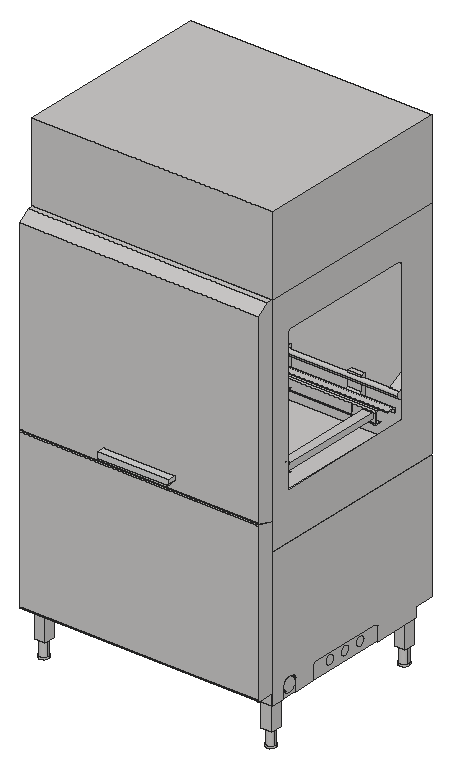
Revit family "QF_ELECTROLUXPROFESSIONAL_535139_NLDDRE6M", category Specialty Equipment, Revit 2018
Family settings
  Round Connector Dimension = Use Diameter
  Part Type = Normal
  Work Plane-Based = No
  Always vertical = Yes
  Cut with Voids When Loaded = No
  Shared = No
  Room Calculation Point = No
Parameters (values of type "Standard")
  Weight = 116.00 kg
  Watts = 0 W
  Volts = 440 V
  URL Manufacturer = "http://professional.electrolux.com/"
  URL = "http://professional.electrolux.com/"
  Steam Supply Size = 0 mm
  Steam Supply Minimum Pressure = 0.0 Pa
  Steam Supply Maximum Pressure = 0.0 Pa
  Steam Pounds per Hour = 0
  Show Logo [instance] = yes
  Refrigeration Suction Line Size = 0 mm
  Refrigeration Liquid Line Size = 0 mm
  Refrigerant Compressor Remote = yes
  R_L [instance] = not(L_R)  # no
  Manufacturer = "Electrolux Professional"
  Phase = 3
  Model = "NLDDRE6M"
  Length Actual = 890 mm  # constant formula
  Show Clearance [instance] = yes
  L_R [instance] = yes
  Item Number = "535139"
  Hot Water Size = 0 mm
  Height Actual = 1785 mm  # constant formula
  HP = "11.4 HP"
  Gas Size = 0 mm
  Gas KW = 0
  Gas Input Pressure = 0 W
  Direct Waste Size = 50 mm
  Description = "LARGE DRYER WITH DOOR, DUAL RINSE RT, ELECTRIC, 440V/ 3/ 60Hz - MARINE"
  Depth Actual = 825 mm  # constant formula
  DRAIN [instance] = if(L_R, 0 mm, 968 mm)  # 0 mm
  Cycle = 60 Hz
  Condensate Return Size = 0 mm
  Compressed Air Volume = 0.0 L/s
  Compressed Air Size = 0 mm
  Compressed Air Pressure = 0.0 Pa
  Cold Water Size = 0 mm
  Accessory = yes
Types (2, lengths in mm): name | Volts | URL Manufacturer | URL | Manufacturer | Phase | Model | Item Number | Description | Cycle
  NLDDRE56 | 0 V | "" | "http://professional.electrolux.com" | "Electrolux" | 0 | "ESR10E5" | "" | "SINGLE RINSE RT, 100R/H, ELECTRIC 50HZ" | 0 Hz
  Standard | 440 V | "http://professional.electrolux.com/" | "http://professional.electrolux.com/" | "Electrolux Professional" | 3 | "NLDDRE6M" | "535139" | "LARGE DRYER WITH DOOR, DUAL RINSE RT, ELECTRIC, 440V/ 3/ 60Hz - MARINE" | 60 Hz
Reference planes
  plane 1 "Center X": y = -16.742
  plane 2: z = 0
  plane 3 "2": x = 506.437
  plane 4 "BACK": y = 388.258
  plane 5 "FEET": z = 150
  plane 6: z = 2095
  plane 7 "BASE": z = 187
  plane 8 "TOP": z = 1785
  plane 9 "FRONT": y = -408.742
  plane 10: y = 311.258
  plane 11 "1": x = -383.563
  plane 12 "LEFT": x = -423.563
  plane 13 "RIGHT": x = 546.437
  plane 14 "DRAIN": x = -423.563
Forms (mm)
  Extrusion 1, solid, material "QF_Finishes_Stainless Steel"
    sketch origin (506.437, 479.936, 4000) x (0, 1, 0) y (0, 0, 1)
      loop
        line (-96.678, -2215) -> (-828.678, -2215) -> (-828.678, -2507) -> (-96.678, -2507) -> (-96.678, -2215)
    from -890 to 0
  Extrusion 2, solid, material "QF_Finishes_Stainless Steel"
    sketch origin (-383.563, 437.565, 4000) x (0, 1, 0) y (0, 0, 1)
      loop
        line (-54.307, -2507) -> (-786.307, -2507) -> (-786.307, -3850) -> (-126.307, -3850) -> (-126.307, -3812) -> (-54.307, -3812) -> (-54.307, -2507)
      loop
        line (-129.307, -2557) -> (-769.307, -2557) -> (-769.307, -3290) -> (-129.307, -3290) -> (-129.307, -2557)
    from 887 to 3
  Extrusion 3, solid, material "QF_Finishes_Stainless Steel"
    sketch origin (-383.563, 437.565, 4000) x (0, 1, 0) y (0, 0, 1)
      loop
        line (-59.307, -3342) -> (-781.307, -3342)
        arc (-781.307, -3342) -> (-784.843, -3343.464) -> (-786.307, -3347) r 5
        line (-786.307, -3347) -> (-786.307, -3850) -> (-741.307, -3850) -> (-741.307, -3813)
        arc (-741.307, -3813) -> (-711.307, -3783) -> (-681.307, -3813) r 30
        line (-681.307, -3813) -> (-681.307, -3850) -> (-602.807, -3850) -> (-602.807, -3803)
        arc (-602.807, -3803) -> (-598.414, -3792.393) -> (-587.807, -3788) r 15
        line (-587.807, -3788) -> (-317.807, -3788)
        arc (-317.807, -3788) -> (-307.201, -3792.393) -> (-302.807, -3803) r 15
        line (-302.807, -3803) -> (-302.807, -3850) -> (-126.307, -3850) -> (-126.307, -3812) -> (-54.307, -3812) -> (-54.307, -3347)
        arc (-54.307, -3347) -> (-55.772, -3343.464) -> (-59.307, -3342) r 5
    from 0 to 3
  Extrusion 4, solid, material "QF_Finishes_Stainless Steel"
    sketch origin (506.437, 479.936, 4000) x (0, 1, 0) y (0, 0, 1)
      loop
        line (-96.678, -2507) -> (-828.678, -2507) -> (-828.678, -3335)
        arc (-828.678, -3335) -> (-827.214, -3338.536) -> (-823.678, -3340) r 5
        line (-823.678, -3340) -> (-101.678, -3340)
        arc (-101.678, -3340) -> (-98.142, -3338.536) -> (-96.678, -3335) r 5
        line (-96.678, -3335) -> (-96.678, -2507)
      loop
        line (-248.879, -2635) -> (-744.477, -2635)
        arc (-744.477, -2635) -> (-756.64, -2640.038) -> (-761.678, -2652.201) r 17.201
        line (-761.678, -2652.201) -> (-761.678, -3167.258) -> (-231.678, -3167.258) -> (-231.678, -2652.201)
        arc (-231.678, -2652.201) -> (-236.716, -2640.038) -> (-248.879, -2635) r 17.201
    from -3 to 0
  Extrusion 5, solid, material "QF_Finishes_Stainless Steel"
    sketch origin (506.437, 479.936, 4000) x (0, 1, 0) y (0, 0, 1)
      loop
        line (-101.678, -3342) -> (-823.678, -3342)
        arc (-823.678, -3342) -> (-827.214, -3343.464) -> (-828.678, -3347) r 5
        line (-828.678, -3347) -> (-828.678, -3850) -> (-783.678, -3850) -> (-783.678, -3813)
        arc (-783.678, -3813) -> (-753.678, -3783) -> (-723.678, -3813) r 30
        line (-723.678, -3813) -> (-723.678, -3850) -> (-645.178, -3850) -> (-645.178, -3803)
        arc (-645.178, -3803) -> (-640.785, -3792.393) -> (-630.178, -3788) r 15
        line (-630.178, -3788) -> (-360.178, -3788)
        arc (-360.178, -3788) -> (-349.571, -3792.393) -> (-345.178, -3803) r 15
        line (-345.178, -3803) -> (-345.178, -3850) -> (-168.678, -3850) -> (-168.678, -3812) -> (-96.678, -3812) -> (-96.678, -3347)
        arc (-96.678, -3347) -> (-98.142, -3343.464) -> (-101.678, -3342) r 5
    from -3 to 0
  Extrusion 6, solid, material "QF_Finishes_Stainless Steel"
    sketch origin (-383.563, 437.565, 4000) x (0, 1, 0) y (0, 0, 1)
      loop
        circle (-454.307, -3813) r 15
      loop
        circle (-524.307, -3813) r 15
      loop
        circle (-384.307, -3813) r 15
    from 0 to 3
  Extrusion 7, solid, material "QF_Finishes_Stainless Steel"
    sketch origin (-383.563, 437.565, 4000) x (0, 1, 0) y (0, 0, 1)
      loop
        circle (-711.307, -3813) r 25
    from 0 to 3
  Extrusion 8, solid, material "QF_Finishes_Stainless Steel"
    sketch origin (506.437, 479.936, 4000) x (0, 1, 0) y (0, 0, 1)
      loop
        circle (-496.678, -3813) r 15
      loop
        circle (-566.678, -3813) r 15
      loop
        circle (-426.678, -3813) r 15
    from 0 to -3
  Extrusion 9, solid, material "QF_Finishes_Stainless Steel"
    sketch origin (506.437, 479.936, 4000) x (0, 1, 0) y (0, 0, 1)
      loop
        circle (-753.678, -3813) r 25
    from 0 to -3
  Extrusion 10, solid, material "QF_Finishes_Stainless Steel"
    sketch origin (-383.563, 437.565, 4000) x (0, 1, 0) y (0, 0, 1)
      loop
        line (-54.307, -2507) -> (-786.307, -2507) -> (-786.307, -3335)
        arc (-786.307, -3335) -> (-784.843, -3338.536) -> (-781.307, -3340) r 5
        line (-781.307, -3340) -> (-59.307, -3340)
        arc (-59.307, -3340) -> (-55.772, -3338.536) -> (-54.307, -3335) r 5
        line (-54.307, -3335) -> (-54.307, -2507)
      loop
        line (-206.509, -2635) -> (-702.106, -2635)
        arc (-702.106, -2635) -> (-714.269, -2640.038) -> (-719.307, -2652.201) r 17.201
        line (-719.307, -2652.201) -> (-719.307, -3167.258) -> (-189.307, -3167.258) -> (-189.307, -2652.201)
        arc (-189.307, -2652.201) -> (-194.345, -2640.038) -> (-206.509, -2635) r 17.201
    from 3 to 0
  Extrusion 11, solid, material "QF_Finishes_Stainless Steel", visible <- "L_R"
    sketch origin (-383.563, 0, 0) x (0, 1, 0) y (0, 0, 1)
      loop
        circle (-273.742, 187) r 25
    from 0 to -38
  Extrusion 12, solid, material "QF_Finishes_Stainless Steel", visible <- "R_L"
    sketch origin (506.437, 479.936, 4000) x (0, 1, 0) y (0, 0, 1)
      loop
        circle (-753.678, -3813) r 25
    from 0 to 38
  Extrusion 13, solid, material "QF_Finishes_Stainless Steel", not visible
    sketch origin (-423.563, 0, 0) x (0, 1, 0) y (0, 0, 1)
      loop
        circle (-273.742, 187) r 25
    from 0 to 2
  Extrusion 14, solid, material "QF_Clearance", detail levels coarse
    sketch origin (516.437, -74.242, 0) x (1, 0, 0) y (0, 1, 0)
      loop
        line (-900, 462.5) -> (-10, 462.5) -> (-10, 512.5) -> (-900, 512.5) -> (-900, 462.5)
    from -100 to 1785
Lines and regions (mm)
  symbolic lines
    curve 1: line (-383.563, 383.258, 0) -> (506.437, 383.258, 0)
    curve 2: line (-383.563, -348.742, 0) -> (-383.563, 383.258, 0)
    curve 3: line (506.437, -348.742, 0) -> (-383.563, -348.742, 0)
    curve 4: line (506.437, 383.258, 0) -> (506.437, -348.742, 0)
    curve 7: line (-383.563, 383.258, 0) -> (506.437, -348.742, 0)
    curve 14: line (-383.563, -16.742, 0) -> (-368.563, -16.742, 0)
    curve 15: line (491.437, -16.742, 0) -> (506.437, -16.742, 0)
  symbolic lines, style "SpecialityEquipment"
    curve 5: line (506.437, -281.742, 0) -> (-383.563, -281.742, 0)
    curve 6: line (-383.563, 308.258, 0) -> (506.437, 308.258, 0)
  symbolic lines, style "SpecialityEquipmentHiddenLines", visible <- "R_L"
    curve 8: line (546.437, -298.742, 0) -> (546.437, -248.742, 0)
    curve 9: line (546.437, -248.742, 0) -> (506.437, -248.742, 0)
    curve 10: line (546.437, -298.742, 0) -> (506.437, -298.742, 0)
  symbolic lines, style "SpecialityEquipmentHiddenLines", visible <- "L_R"
    curve 11: line (-423.563, -248.742, 0) -> (-423.563, -298.742, 0)
    curve 12: line (-423.563, -248.742, 0) -> (-383.563, -248.742, 0)
    curve 13: line (-423.563, -298.742, 0) -> (-383.563, -298.742, 0)
  symbolic lines, style "QF_Clearances"
    curve 16: line (-383.563, 438.258, 0) -> (506.437, 438.258, 0)
Dimensions and locks
  plane 4 "BACK" to plane 1 "Center X" to plane 9 "FRONT" = 405 mm, 392 mm
  plane 5 "FEET" to level = 150 mm
  plane 3 "2" to Extrusion 5 = 3 mm
  plane 5 "FEET" to plane 8 "TOP" = 1635 mm
  plane 4 "BACK" to plane 9 "FRONT" = 797 mm  (x2)
  nested 1 to nested 4 to nested 4 to nested 4 = 732 mm, 60 mm, 30 mm
  "DRAIN": plane 12 "LEFT" to plane 14 "DRAIN"
  aligned and locked: level to plane 2
Automatic sketch dimensions
  plane 8 "TOP" to Extrusion 1 sketch curve = 0 mm
  plane 9 "FRONT" to Extrusion 1 sketch curve = 60 mm
  Extrusion 1 sketch curve to plane 4 "BACK" = 5 mm
  Extrusion 1 sketch curve to Extrusion 1 sketch curve = 292 mm
  Extrusion 2 sketch curve to plane 5 "FEET" = 0 mm
  Extrusion 2 sketch curve to plane 10 = 0 mm
  plane 10 to Extrusion 2 sketch curve = 3 mm
  plane 9 "FRONT" to Extrusion 2 sketch curve = 77 mm
  Extrusion 2 sketch curve to Extrusion 2 sketch curve = 17 mm
  plane 7 "BASE" to Extrusion 2 sketch curve = 1 mm
  Extrusion 2 sketch curve to plane 4 "BACK" = 5 mm
  Extrusion 2 sketch curve to Extrusion 2 sketch curve = 522 mm
  plane 8 "TOP" to Extrusion 2 sketch curve = 342 mm
  Extrusion 2 sketch curve to Extrusion 2 sketch curve = 50 mm
  Extrusion 3 sketch curve to plane 5 "FEET" = 0 mm  (x3)
  Extrusion 3 sketch curve to plane 7 "BASE" = 0 mm
  Extrusion 3 sketch curve to plane 10 = 0 mm
  plane 7 "BASE" to Extrusion 3 sketch curve = 10 mm  (x2)
  Extrusion 3 sketch curve to plane 1 "Center X" = 151.5 mm
  Extrusion 3 sketch curve to Extrusion 3 sketch curve = 15 mm
  plane 1 "Center X" to Extrusion 3 sketch curve = 133.5 mm
  Extrusion 3 sketch curve to Extrusion 3 sketch curve = 78.5 mm
  Extrusion 3 sketch curve to Extrusion 3 sketch curve = 30 mm
  plane 9 "FRONT" to Extrusion 3 sketch curve = 65 mm
  Extrusion 3 sketch curve to Extrusion 3 sketch curve = 5 mm
  Extrusion 3 sketch curve to plane 4 "BACK" = 10 mm
  Extrusion 3 sketch curve to plane 4 "BACK" = 5 mm
  plane 7 "BASE" to Extrusion 3 sketch curve = 1 mm
  Extrusion 3 sketch curve to Extrusion 3 sketch curve = 465 mm
  plane 9 "FRONT" to Extrusion 4 sketch curve = 60 mm
  Extrusion 4 sketch curve to Extrusion 4 sketch curve = 5 mm
  plane 9 "FRONT" to Extrusion 4 sketch curve = 127 mm
  Extrusion 4 sketch curve to Extrusion 4 sketch curve = 17.201 mm  (x2)
  plane 10 to Extrusion 4 sketch curve = 80.201 mm
  plane 10 to Extrusion 4 sketch curve = 63 mm
  Extrusion 4 sketch curve to plane 4 "BACK" = 10 mm
  Extrusion 4 sketch curve to plane 4 "BACK" = 5 mm
  plane 7 "BASE" to Extrusion 4 sketch curve = 473 mm
  Extrusion 4 sketch curve to Extrusion 4 sketch curve = 167.742 mm
  plane 8 "TOP" to Extrusion 4 sketch curve = 437.201 mm
  Extrusion 4 sketch curve to Extrusion 4 sketch curve = 0 mm
  Extrusion 4 sketch curve to Extrusion 4 sketch curve = 145.201 mm
  Extrusion 5 sketch curve to plane 5 "FEET" = 0 mm  (x3)
  Extrusion 5 sketch curve to plane 7 "BASE" = 0 mm
  Extrusion 5 sketch curve to plane 10 = 0 mm
  plane 7 "BASE" to Extrusion 5 sketch curve = 10 mm  (x2)
  Extrusion 5 sketch curve to plane 1 "Center X" = 151.5 mm
  Extrusion 5 sketch curve to Extrusion 5 sketch curve = 15 mm
  plane 1 "Center X" to Extrusion 5 sketch curve = 133.5 mm
  Extrusion 5 sketch curve to Extrusion 5 sketch curve = 78.5 mm
  Extrusion 5 sketch curve to Extrusion 5 sketch curve = 30 mm
  plane 9 "FRONT" to Extrusion 5 sketch curve = 65 mm
  Extrusion 5 sketch curve to Extrusion 5 sketch curve = 5 mm
  Extrusion 5 sketch curve to plane 4 "BACK" = 10 mm
  Extrusion 5 sketch curve to plane 4 "BACK" = 5 mm
  plane 7 "BASE" to Extrusion 5 sketch curve = 1 mm
  Extrusion 5 sketch curve to Extrusion 5 sketch curve = 465 mm
  Extrusion 6 sketch curve to plane 7 "BASE" = 0 mm  (x3)
  Extrusion 6 sketch curve to plane 1 "Center X" = 0 mm
  Extrusion 6 sketch curve to Extrusion 6 sketch curve = 70 mm
  Extrusion 6 sketch curve to plane 1 "Center X" = 70 mm
  Extrusion 7 sketch curve to plane 7 "BASE" = 0 mm
  plane 9 "FRONT" to Extrusion 7 sketch curve = 135 mm
  Extrusion 8 sketch curve to plane 7 "BASE" = 0 mm  (x3)
  Extrusion 8 sketch curve to plane 1 "Center X" = 0 mm
  Extrusion 8 sketch curve to Extrusion 8 sketch curve = 70 mm
  Extrusion 8 sketch curve to plane 1 "Center X" = 70 mm
  Extrusion 9 sketch curve to plane 7 "BASE" = 0 mm
  plane 9 "FRONT" to Extrusion 9 sketch curve = 135 mm
  plane 9 "FRONT" to Extrusion 10 sketch curve = 60 mm
  Extrusion 10 sketch curve to Extrusion 10 sketch curve = 5 mm
  plane 9 "FRONT" to Extrusion 10 sketch curve = 127 mm
  Extrusion 10 sketch curve to Extrusion 10 sketch curve = 17.201 mm  (x2)
  plane 10 to Extrusion 10 sketch curve = 80.201 mm
  plane 10 to Extrusion 10 sketch curve = 63 mm
  Extrusion 10 sketch curve to plane 4 "BACK" = 10 mm
  Extrusion 10 sketch curve to plane 4 "BACK" = 5 mm
  plane 7 "BASE" to Extrusion 10 sketch curve = 473 mm
  Extrusion 10 sketch curve to Extrusion 10 sketch curve = 167.742 mm
  plane 8 "TOP" to Extrusion 10 sketch curve = 437.201 mm
  Extrusion 10 sketch curve to Extrusion 10 sketch curve = 0 mm
  Extrusion 10 sketch curve to Extrusion 10 sketch curve = 145.201 mm
  Extrusion 11 sketch curve to plane 7 "BASE" = 0 mm
  plane 9 "FRONT" to Extrusion 11 sketch curve = 135 mm
  Extrusion 12 sketch curve to plane 7 "BASE" = 0 mm
  plane 9 "FRONT" to Extrusion 12 sketch curve = 135 mm
  Extrusion 13 sketch curve to plane 7 "BASE" = 0 mm
  plane 9 "FRONT" to Extrusion 13 sketch curve = 135 mm
  plane 12 "LEFT" to Extrusion 14 sketch curve = 40 mm
  Extrusion 14 sketch curve to plane 13 "RIGHT" = 40 mm
  plane 4 "BACK" to Extrusion 14 sketch curve = 0 mm
  Extrusion 14 sketch curve to Extrusion 14 sketch curve = 50 mm
  curve 11 to plane 12 "LEFT" = 0 mm
  curve 13 to plane 11 "1" = 0 mm
  curve 16 to plane 11 "1" = 0 mm
  curve 9 to plane 3 "2" = 0 mm
  curve 16 to plane 3 "2" = 0 mm
  curve 8 to plane 13 "RIGHT" = 0 mm
  plane 9 "FRONT" to curve 4 = 60 mm
  curve 2 to curve 13 = 50 mm
  curve 3 to curve 8 = 50 mm
  curve 11 to curve 12 = 50 mm
  curve 8 to curve 8 = 50 mm
  curve 1 to plane 4 "BACK" = 5 mm
  curve 14 to plane 1 "Center X" = 0 mm
  plane 11 "1" to curve 14 = 15 mm
  curve 15 to plane 1 "Center X" = 0 mm
  curve 15 to curve 15 = 15 mm
  curve 10 to curve 5 = 17 mm
  plane 10 to curve 6 = 3 mm
  plane 4 "BACK" to curve 16 = 50 mm
  radius of Extrusion 6 sketch curve = 15 mm  (x3)
  radius of Extrusion 7 sketch curve = 25 mm
  radius of Extrusion 8 sketch curve = 15 mm  (x3)
  radius of Extrusion 9 sketch curve = 25 mm
  radius of Extrusion 11 sketch curve = 25 mm
  radius of Extrusion 12 sketch curve = 25 mm
  radius of Extrusion 13 sketch curve = 25 mm
Nested families
  nested 1: "Basket_Guide+Wash_Arm_35''" at (-348, 0, 0), type "Basket_Guide+Wash_Arm_35''"
  nested 2: "Foot_40x40_H150" at (-357.563, -326.742, 0) x (-1, 0, 0) z (0, 0, 1), type "Foot_40x40_H150"
  nested 3: "Foot_40x40_H150" at (-357.563, 289.258, 0) x (-1, 0, 0) z (0, 0, 1), type "Foot_40x40_H150"
  nested 4: "Door_35''" at (-289, 0, 0), Show Clearance <- "Show Clearance", type "Door_35''"
  nested 5: "Foot_40x40_H150" at (480.437, -326.742, 0), type "Foot_40x40_H150"
  nested 6: "Foot_40x40_H150" at (480.437, 289.258, 0), type "Foot_40x40_H150"
Connectors
  piping at (-423.563, -273.742, 187), diameter 50
    settings: on Extrusion 13, index 1, connector inside diameter 609.6 mm, connector length 0 mm, flow factor 0, pipe flow 0.0 L/s, pressure drop 0.0 Pa, fitting loss kfactor 0, connector angle 0.00°, fixture units 0, engagement length 0 mm, angle of deflection 0.00°, flow configuration 0, flow direction 2, fitting loss method 0, system type 16, joint type 0, gender type 0, connector reference index -1, connector utility 0, adjustable connector no, is connector primary yes, connector description "DRAIN"
Definition of nested family "Basket_Guide+Wash_Arm_35''"
  Reference planes
    plane 1: z = 0
    plane 2 "Center Y": x = 409.437
    plane 3 "LEFT": x = -35.563
    plane 4 "BACK": y = 383.258
    plane 5 "FRONT": y = -408.742
    plane 6: z = 150
    plane 7 "TOP": z = 1785
    plane 8: z = 875
    plane 9 "RIGHT": x = 854.437
    plane 10 "L1": x = 134.437
    plane 11 "L2": x = 684.437
  Forms (mm)
    Extrusion 1, solid
      sketch origin (427.437, -18.984, 0) x (0, -1, 0) y (0, 0, 1)
        loop
          line (264.703, 929.245) -> (264.703, 907.554) -> (312.758, 879.81) -> (312.758, 956.99) -> (264.703, 929.245)
        loop
          line (-259.187, 929.245) -> (-307.242, 956.99) -> (-327.242, 956.99) -> (-327.242, 879.81) -> (-307.242, 879.81) -> (-259.187, 907.554) -> (-259.187, 929.245)
      from -424 to -388
    Extrusion 2, solid
      sketch origin (293.437, -18.984, 0) x (0, -1, 0) y (0, 0, 1)
        loop
          circle (264.703, 918.4) r 10
        loop
          circle (-259.187, 918.4) r 10
      from -558 to 326
    Extrusion 3, solid
      sketch origin (293.437, -18.984, 0) x (0, -1, 0) y (0, 0, 1)
        loop
          line (-252.564, 858) -> (-252.564, 870.68)
          arc (-252.564, 870.68) -> (-251.884, 872.32) -> (-250.244, 873) r 2.32
          line (-250.244, 873) -> (-222.564, 873) -> (-222.564, 875) -> (-250.244, 875)
          arc (-250.244, 875) -> (-253.299, 873.735) -> (-254.564, 870.68) r 4.32
          line (-254.564, 870.68) -> (-254.564, 858) -> (-252.564, 858)
        loop
          line (258.08, 858) -> (260.08, 858) -> (260.08, 870.68)
          arc (260.08, 870.68) -> (258.815, 873.735) -> (255.76, 875) r 4.32
          line (255.76, 875) -> (228.08, 875) -> (228.08, 873) -> (255.76, 873)
          arc (255.76, 873) -> (257.401, 872.32) -> (258.08, 870.68) r 2.32
          line (258.08, 870.68) -> (258.08, 858)
      from -545 to 313
    Extrusion 4, solid
      sketch origin (293.437, -18.984, 0) x (0, -1, 0) y (0, 0, 1)
        loop
          arc (-216.187, 825.32) -> (-216.866, 823.679) -> (-218.507, 823) r 2.32
          line (-218.507, 823) -> (-236.187, 823) -> (-236.187, 821) -> (-218.507, 821)
          arc (-218.507, 821) -> (-215.452, 822.265) -> (-214.187, 825.32) r 4.32
          line (-214.187, 825.32) -> (-214.187, 861.68)
          arc (-214.187, 861.68) -> (-215.452, 864.735) -> (-218.507, 866) r 4.32
          line (-218.507, 866) -> (-236.187, 866) -> (-236.187, 864) -> (-218.507, 864)
          arc (-218.507, 864) -> (-216.866, 863.32) -> (-216.187, 861.68) r 2.32
          line (-216.187, 861.68) -> (-216.187, 825.32)
        loop
          line (221.703, 825.32) -> (221.703, 861.68)
          arc (221.703, 861.68) -> (222.383, 863.32) -> (224.023, 864) r 2.32
          line (224.023, 864) -> (241.703, 864) -> (241.703, 866) -> (224.023, 866)
          arc (224.023, 866) -> (220.969, 864.735) -> (219.703, 861.68) r 4.32
          line (219.703, 861.68) -> (219.703, 825.32)
          arc (219.703, 825.32) -> (220.969, 822.265) -> (224.023, 821) r 4.32
          line (224.023, 821) -> (241.703, 821) -> (241.703, 823) -> (224.023, 823)
          arc (224.023, 823) -> (222.383, 823.679) -> (221.703, 825.32) r 2.32
      from -505 to 273
    Extrusion 5, solid
      sketch origin (391.437, -18.984, 0) x (0, -1, 0) y (0, 0, 1)
        loop
          line (264.703, 929.245) -> (264.703, 907.554) -> (312.758, 879.81) -> (312.758, 956.99) -> (264.703, 929.245)
        loop
          line (-259.187, 929.245) -> (-307.242, 956.99) -> (-327.242, 956.99) -> (-327.242, 879.81) -> (-307.242, 879.81) -> (-259.187, 907.554) -> (-259.187, 929.245)
      from 424 to 388
    Extrusion 6, solid
      sketch origin (428.437, -18.984, 0) x (0, -1, 0) y (0, 0, 1)
        loop
          line (219.703, 858) -> (-214.187, 858) -> (-214.187, 836) -> (219.703, 836) -> (219.703, 858)
      from -360 to -325
    Extrusion 7, solid
      sketch origin (390.437, -18.984, 0) x (0, -1, 0) y (0, 0, 1)
        loop
          line (219.703, 858) -> (-214.187, 858) -> (-214.187, 836) -> (219.703, 836) -> (219.703, 858)
      from 360 to 325
    Extrusion 8, solid
      sketch origin (409.437, 308.258, 1443) x (0, 0, 1) y (-1, 0, 0)
        loop
          line (-650.516, 7.5) -> (-663.507, 15) -> (-676.497, 7.5) -> (-676.497, -7.5) -> (-663.507, -15) -> (-650.516, -7.5) -> (-650.516, 7.5)
        loop
          line (-22.01, 7.5) -> (-35, 15) -> (-47.99, 7.5) -> (-47.99, -7.5) -> (-35, -15) -> (-22.01, -7.5) -> (-22.01, 7.5)
      from 0 to 30
    Extrusion 9, solid
      sketch origin (409.437, 278.258, 1443) x (0, 0, 1) y (-1, 0, 0)
        loop
          circle (-663.507, 0) r 10
        loop
          circle (-35, 0) r 10
      from 0 to 537.443
    Extrusion 10, solid
      sketch origin (409.437, 0, 0) x (0, 1, 0) y (0, 0, 1)
        loop
          line (-283.687, 880.8) -> (-283.687, 933.4) -> (-301.108, 933.4) -> (-301.108, 856.308) -> (-249.185, 804.385) -> (-240.463, 763.388) -> (-239.485, 763.596) -> (-248.268, 804.882) -> (-277.084, 833.698) -> (-240.687, 833.698) -> (-240.687, 855.89) -> (-260.687, 855.89) -> (-260.687, 872.8) -> (-275.687, 872.8) -> (-283.687, 880.8)
        loop
          line (240.203, 880.8) -> (232.203, 872.8) -> (217.203, 872.8) -> (217.203, 855.89) -> (197.203, 855.89) -> (197.203, 833.698) -> (235.015, 833.698) -> (257.624, 856.308) -> (257.624, 933.4) -> (240.203, 933.4) -> (240.203, 880.8)
        loop
          line (-259.185, 1443) -> (-259.185, 1420.164) -> (-236.567, 1380.988) -> (-234.835, 1381.988) -> (-257.185, 1420.7) -> (-257.185, 1443) -> (-259.185, 1443)
      from -25 to 25
    Extrusion 11, solid
      sketch origin (134.437, 308.258, 1443) x (0, 0, 1) y (-1, 0, 0)
        loop
          line (-650.516, 7.5) -> (-663.507, 15) -> (-676.497, 7.5) -> (-676.497, -7.5) -> (-663.507, -15) -> (-650.516, -7.5) -> (-650.516, 7.5)
        loop
          line (-22.01, 7.5) -> (-35, 15) -> (-47.99, 7.5) -> (-47.99, -7.5) -> (-35, -15) -> (-22.01, -7.5) -> (-22.01, 7.5)
      from 0 to 30
    Extrusion 12, solid
      sketch origin (134.437, 278.258, 1443) x (0, 0, 1) y (-1, 0, 0)
        loop
          circle (-663.507, 0) r 10
        loop
          circle (-35, 0) r 10
      from 0 to 537.443
    Extrusion 13, solid
      sketch origin (684.437, 308.258, 1443) x (0, 0, 1) y (-1, 0, 0)
        loop
          line (-650.516, 7.5) -> (-663.507, 15) -> (-676.497, 7.5) -> (-676.497, -7.5) -> (-663.507, -15) -> (-650.516, -7.5) -> (-650.516, 7.5)
        loop
          line (-22.01, 7.5) -> (-35, 15) -> (-47.99, 7.5) -> (-47.99, -7.5) -> (-35, -15) -> (-22.01, -7.5) -> (-22.01, 7.5)
      from 0 to 30
    Extrusion 14, solid
      sketch origin (684.437, 278.258, 1443) x (0, 0, 1) y (-1, 0, 0)
        loop
          circle (-663.507, 0) r 10
        loop
          circle (-35, 0) r 10
      from 0 to 537.443
    Extrusion 15, solid
      sketch origin (134.437, 0, 0) x (0, 1, 0) y (0, 0, 1)
        loop
          line (-283.687, 880.8) -> (-283.687, 933.4) -> (-301.108, 933.4) -> (-301.108, 856.308) -> (-249.185, 804.385) -> (-240.463, 763.388) -> (-239.485, 763.596) -> (-248.268, 804.882) -> (-277.084, 833.698) -> (-240.687, 833.698) -> (-240.687, 855.89) -> (-260.687, 855.89) -> (-260.687, 872.8) -> (-275.687, 872.8) -> (-283.687, 880.8)
        loop
          line (240.203, 880.8) -> (232.203, 872.8) -> (217.203, 872.8) -> (217.203, 855.89) -> (197.203, 855.89) -> (197.203, 833.698) -> (235.015, 833.698) -> (257.624, 856.308) -> (257.624, 933.4) -> (240.203, 933.4) -> (240.203, 880.8)
        loop
          line (-259.185, 1443) -> (-259.185, 1420.164) -> (-236.567, 1380.988) -> (-234.835, 1381.988) -> (-257.185, 1420.7) -> (-257.185, 1443) -> (-259.185, 1443)
      from -25 to 25
    Extrusion 16, solid
      sketch origin (684.437, 0, 0) x (0, 1, 0) y (0, 0, 1)
        loop
          line (-283.687, 880.8) -> (-283.687, 933.4) -> (-301.108, 933.4) -> (-301.108, 856.308) -> (-249.185, 804.385) -> (-240.463, 763.388) -> (-239.485, 763.596) -> (-248.268, 804.882) -> (-277.084, 833.698) -> (-240.687, 833.698) -> (-240.687, 855.89) -> (-260.687, 855.89) -> (-260.687, 872.8) -> (-275.687, 872.8) -> (-283.687, 880.8)
        loop
          line (240.203, 880.8) -> (232.203, 872.8) -> (217.203, 872.8) -> (217.203, 855.89) -> (197.203, 855.89) -> (197.203, 833.698) -> (235.015, 833.698) -> (257.624, 856.308) -> (257.624, 933.4) -> (240.203, 933.4) -> (240.203, 880.8)
        loop
          line (-259.185, 1443) -> (-259.185, 1420.164) -> (-236.567, 1380.988) -> (-234.835, 1381.988) -> (-257.185, 1420.7) -> (-257.185, 1443) -> (-259.185, 1443)
      from -25 to 25
  Cuts and joins
    joined: Extrusion 1, Extrusion 2, Extrusion 3, Extrusion 4, Extrusion 5, Extrusion 6, Extrusion 7, Extrusion 8, Extrusion 9, Extrusion 10
  Dimensions and locks
    plane 3 "LEFT" to plane 9 "RIGHT" = 890 mm
    equal spacing: plane 3 "LEFT", plane 2 "Center Y", plane 9 "RIGHT", locked at 445 each
    plane 7 "TOP" to plane 6 to level = 1635 mm, 150 mm
    plane 4 "BACK" to plane 5 "FRONT" = 792 mm
    aligned and locked: level to plane 1
  Automatic sketch dimensions
    plane 8 to Extrusion 1 sketch curve = 4.81 mm  (x2)
    Extrusion 1 sketch curve to plane 4 "BACK" = 75 mm
    Extrusion 1 sketch curve to Extrusion 1 sketch curve = 20 mm  (x2)
    Extrusion 1 sketch curve to Extrusion 1 sketch curve = 48.055 mm  (x2)
    plane 8 to Extrusion 1 sketch curve = 32.554 mm  (x2)
    plane 5 "FRONT" to Extrusion 1 sketch curve = 125.055 mm
    Extrusion 1 sketch curve to Extrusion 1 sketch curve = 21.691 mm  (x2)
    Extrusion 1 sketch curve to Extrusion 1 sketch curve = 27.745 mm  (x2)
    plane 8 to Extrusion 2 sketch curve = 43.4 mm  (x2)
    Extrusion 2 sketch curve to plane 4 "BACK" = 143.055 mm
    plane 5 "FRONT" to Extrusion 2 sketch curve = 125.055 mm
    Extrusion 3 sketch curve to Extrusion 3 sketch curve = 0 mm  (x4)
    Extrusion 3 sketch curve to plane 8 = 0 mm  (x2)
    Extrusion 3 sketch curve to plane 8 = 4.32 mm  (x2)
    Extrusion 3 sketch curve to plane 4 "BACK" = 147.678 mm
    Extrusion 3 sketch curve to Extrusion 3 sketch curve = 2 mm  (x2)
    Extrusion 3 sketch curve to Extrusion 3 sketch curve = 27.68 mm  (x2)
    plane 5 "FRONT" to Extrusion 3 sketch curve = 161.678 mm
    Extrusion 3 sketch curve to Extrusion 3 sketch curve = 12.68 mm  (x2)
    Extrusion 4 sketch curve to Extrusion 4 sketch curve = 0 mm  (x9)
    Extrusion 4 sketch curve to plane 8 = 9 mm
    Extrusion 4 sketch curve to plane 4 "BACK" = 166.055 mm
    Extrusion 4 sketch curve to Extrusion 4 sketch curve = 17.68 mm  (x4)
    Extrusion 4 sketch curve to Extrusion 4 sketch curve = 2.32 mm  (x3)
    Extrusion 4 sketch curve to Extrusion 4 sketch curve = 2 mm  (x2)
    Extrusion 4 sketch curve to plane 8 = 49.68 mm
    plane 5 "FRONT" to Extrusion 4 sketch curve = 170.055 mm
    Extrusion 4 sketch curve to Extrusion 4 sketch curve = 43 mm
    Extrusion 4 sketch curve to plane 8 = 13.32 mm
    plane 8 to Extrusion 5 sketch curve = 4.81 mm  (x2)
    Extrusion 5 sketch curve to plane 4 "BACK" = 75 mm
    Extrusion 5 sketch curve to Extrusion 5 sketch curve = 20 mm  (x2)
    Extrusion 5 sketch curve to Extrusion 5 sketch curve = 48.055 mm  (x2)
    plane 8 to Extrusion 5 sketch curve = 32.554 mm  (x2)
    plane 5 "FRONT" to Extrusion 5 sketch curve = 125.055 mm
    Extrusion 5 sketch curve to Extrusion 5 sketch curve = 21.691 mm  (x2)
    Extrusion 5 sketch curve to Extrusion 5 sketch curve = 27.745 mm  (x2)
    Extrusion 6 sketch curve to plane 8 = 17 mm
    Extrusion 6 sketch curve to plane 4 "BACK" = 188.055 mm
    Extrusion 6 sketch curve to plane 8 = 39 mm
    plane 5 "FRONT" to Extrusion 6 sketch curve = 170.055 mm
    Extrusion 7 sketch curve to plane 8 = 17 mm
    Extrusion 7 sketch curve to plane 4 "BACK" = 188.055 mm
    Extrusion 7 sketch curve to plane 8 = 39 mm
    plane 5 "FRONT" to Extrusion 7 sketch curve = 170.055 mm
    plane 2 "Center Y" to Extrusion 8 sketch curve = 7.5 mm  (x4)
    Extrusion 8 sketch curve to plane 8 = 108.497 mm
    plane 2 "Center Y" to Extrusion 8 sketch curve = 15 mm  (x2)
    Extrusion 8 sketch curve to Extrusion 8 sketch curve = 12.99 mm  (x6)
    Extrusion 8 sketch curve to plane 2 "Center Y" = 15 mm  (x2)
    Extrusion 8 sketch curve to plane 2 "Center Y" = 7.5 mm  (x4)
    Extrusion 8 sketch curve to plane 7 "TOP" = 389.99 mm
    Extrusion 9 sketch curve to Extrusion 8 = 12.99 mm  (x3)
    Extrusion 9 sketch curve to Extrusion 9 sketch curve = 0 mm
    Extrusion 10 sketch curve to plane 8 = 18.692 mm  (x2)
    plane 5 "FRONT" to Extrusion 10 sketch curve = 107.634 mm
    plane 8 to Extrusion 10 sketch curve = 58.4 mm
    Extrusion 10 sketch curve to Extrusion 10 sketch curve = 17.421 mm  (x3)
    plane 8 to Extrusion 10 sketch curve = 5.8 mm  (x2)
    Extrusion 10 sketch curve to Extrusion 10 sketch curve = 24.024 mm
    Extrusion 10 sketch curve to plane 8 = 2.2 mm  (x2)
    Extrusion 10 sketch curve to Extrusion 10 sketch curve = 8 mm  (x2)
    Extrusion 10 sketch curve to Extrusion 10 sketch curve = 15 mm  (x2)
    plane 5 "FRONT" to Extrusion 10 sketch curve = 149.557 mm
    Extrusion 10 sketch curve to Extrusion 10 sketch curve = 2 mm
    Extrusion 10 sketch curve to plane 8 = 70.615 mm
    Extrusion 10 sketch curve to Extrusion 10 sketch curve = 27.899 mm
    Extrusion 10 sketch curve to plane 8 = 70.118 mm
    Extrusion 10 sketch curve to Extrusion 10 sketch curve = 0.916 mm
    Extrusion 10 sketch curve to Extrusion 10 sketch curve = 7.581 mm
    Extrusion 10 sketch curve to Extrusion 10 sketch curve = 8.721 mm
    Extrusion 10 sketch curve to plane 8 = 111.404 mm
    Extrusion 10 sketch curve to Extrusion 10 sketch curve = 20.618 mm
    Extrusion 10 sketch curve to Extrusion 10 sketch curve = 1.732 mm
    Extrusion 10 sketch curve to plane 8 = 41.302 mm
    Extrusion 10 sketch curve to plane 4 "BACK" = 186.055 mm
    Extrusion 10 sketch curve to Extrusion 10 sketch curve = 20 mm
    Extrusion 10 sketch curve to Extrusion 10 sketch curve = 17.811 mm
    Extrusion 10 sketch curve to Extrusion 10 sketch curve = 0 mm
    Extrusion 10 sketch curve to Extrusion 10 sketch curve = 22.61 mm
    Extrusion 10 sketch curve to plane 8 = 19.11 mm
    Extrusion 10 sketch curve to Extrusion 10 sketch curve = 16.909 mm
    Extrusion 10 sketch curve to Extrusion 10 sketch curve = 52.6 mm
    Extrusion 10 sketch curve to plane 7 "TOP" = 404.012 mm
    Extrusion 10 sketch curve to Extrusion 10 sketch curve = 1 mm
    Extrusion 10 sketch curve to Extrusion 10 sketch curve = 22.3 mm
    plane 10 "L1" to Extrusion 11 sketch curve = 7.5 mm  (x4)
    Extrusion 11 sketch curve to plane 8 = 108.497 mm
    plane 10 "L1" to Extrusion 11 sketch curve = 15 mm  (x2)
    Extrusion 11 sketch curve to Extrusion 11 sketch curve = 12.99 mm  (x6)
    Extrusion 11 sketch curve to plane 10 "L1" = 15 mm  (x2)
    Extrusion 11 sketch curve to plane 10 "L1" = 7.5 mm  (x4)
    Extrusion 11 sketch curve to plane 7 "TOP" = 389.99 mm
    Extrusion 12 sketch curve to Extrusion 11 = 12.99 mm  (x3)
    Extrusion 12 sketch curve to Extrusion 12 sketch curve = 0 mm
    plane 11 "L2" to Extrusion 13 sketch curve = 7.5 mm  (x4)
    Extrusion 13 sketch curve to plane 8 = 108.497 mm
    plane 11 "L2" to Extrusion 13 sketch curve = 15 mm  (x2)
    Extrusion 13 sketch curve to Extrusion 13 sketch curve = 12.99 mm  (x6)
    Extrusion 13 sketch curve to plane 11 "L2" = 15 mm  (x2)
    Extrusion 13 sketch curve to plane 11 "L2" = 7.5 mm  (x4)
    Extrusion 13 sketch curve to plane 7 "TOP" = 389.99 mm
    Extrusion 14 sketch curve to Extrusion 13 = 12.99 mm  (x3)
    Extrusion 14 sketch curve to Extrusion 14 sketch curve = 0 mm
    Extrusion 15 sketch curve to plane 8 = 18.692 mm  (x2)
    plane 5 "FRONT" to Extrusion 15 sketch curve = 107.634 mm
    plane 8 to Extrusion 15 sketch curve = 58.4 mm
    Extrusion 15 sketch curve to Extrusion 15 sketch curve = 17.421 mm  (x3)
    plane 8 to Extrusion 15 sketch curve = 5.8 mm  (x2)
    Extrusion 15 sketch curve to Extrusion 15 sketch curve = 24.024 mm
    Extrusion 15 sketch curve to plane 8 = 2.2 mm  (x2)
    Extrusion 15 sketch curve to Extrusion 15 sketch curve = 8 mm  (x2)
    Extrusion 15 sketch curve to Extrusion 15 sketch curve = 15 mm  (x2)
    plane 5 "FRONT" to Extrusion 15 sketch curve = 149.557 mm
    Extrusion 15 sketch curve to Extrusion 15 sketch curve = 2 mm
    Extrusion 15 sketch curve to plane 8 = 70.615 mm
    Extrusion 15 sketch curve to Extrusion 15 sketch curve = 27.899 mm
    Extrusion 15 sketch curve to plane 8 = 70.118 mm
    Extrusion 15 sketch curve to Extrusion 15 sketch curve = 0.916 mm
    Extrusion 15 sketch curve to Extrusion 15 sketch curve = 7.581 mm
    Extrusion 15 sketch curve to Extrusion 15 sketch curve = 8.721 mm
    Extrusion 15 sketch curve to plane 8 = 111.404 mm
    Extrusion 15 sketch curve to Extrusion 15 sketch curve = 20.618 mm
    Extrusion 15 sketch curve to Extrusion 15 sketch curve = 1.732 mm
    Extrusion 15 sketch curve to plane 8 = 41.302 mm
    Extrusion 15 sketch curve to plane 4 "BACK" = 186.055 mm
    Extrusion 15 sketch curve to Extrusion 15 sketch curve = 20 mm
    Extrusion 15 sketch curve to Extrusion 15 sketch curve = 17.811 mm
    Extrusion 15 sketch curve to Extrusion 15 sketch curve = 0 mm
    Extrusion 15 sketch curve to Extrusion 15 sketch curve = 22.61 mm
    Extrusion 15 sketch curve to plane 8 = 19.11 mm
    Extrusion 15 sketch curve to Extrusion 15 sketch curve = 16.909 mm
    Extrusion 15 sketch curve to Extrusion 15 sketch curve = 52.6 mm
    Extrusion 15 sketch curve to plane 7 "TOP" = 404.012 mm
    Extrusion 15 sketch curve to Extrusion 15 sketch curve = 1 mm
    Extrusion 15 sketch curve to Extrusion 15 sketch curve = 22.3 mm
    Extrusion 16 sketch curve to plane 8 = 18.692 mm  (x2)
    plane 5 "FRONT" to Extrusion 16 sketch curve = 107.634 mm
    plane 8 to Extrusion 16 sketch curve = 58.4 mm
    Extrusion 16 sketch curve to Extrusion 16 sketch curve = 17.421 mm  (x3)
    plane 8 to Extrusion 16 sketch curve = 5.8 mm  (x2)
    Extrusion 16 sketch curve to Extrusion 16 sketch curve = 24.024 mm
    Extrusion 16 sketch curve to plane 8 = 2.2 mm  (x2)
    Extrusion 16 sketch curve to Extrusion 16 sketch curve = 8 mm  (x2)
    Extrusion 16 sketch curve to Extrusion 16 sketch curve = 15 mm  (x2)
    plane 5 "FRONT" to Extrusion 16 sketch curve = 149.557 mm
    Extrusion 16 sketch curve to Extrusion 16 sketch curve = 2 mm
    Extrusion 16 sketch curve to plane 8 = 70.615 mm
    Extrusion 16 sketch curve to Extrusion 16 sketch curve = 27.899 mm
    Extrusion 16 sketch curve to plane 8 = 70.118 mm
    Extrusion 16 sketch curve to Extrusion 16 sketch curve = 0.916 mm
    Extrusion 16 sketch curve to Extrusion 16 sketch curve = 7.581 mm
    Extrusion 16 sketch curve to Extrusion 16 sketch curve = 8.721 mm
    Extrusion 16 sketch curve to plane 8 = 111.404 mm
    Extrusion 16 sketch curve to Extrusion 16 sketch curve = 20.618 mm
    Extrusion 16 sketch curve to Extrusion 16 sketch curve = 1.732 mm
    Extrusion 16 sketch curve to plane 8 = 41.302 mm
    Extrusion 16 sketch curve to plane 4 "BACK" = 186.055 mm
    Extrusion 16 sketch curve to Extrusion 16 sketch curve = 20 mm
    Extrusion 16 sketch curve to Extrusion 16 sketch curve = 17.811 mm
    Extrusion 16 sketch curve to Extrusion 16 sketch curve = 0 mm
    Extrusion 16 sketch curve to Extrusion 16 sketch curve = 22.61 mm
    Extrusion 16 sketch curve to plane 8 = 19.11 mm
    Extrusion 16 sketch curve to Extrusion 16 sketch curve = 16.909 mm
    Extrusion 16 sketch curve to Extrusion 16 sketch curve = 52.6 mm
    Extrusion 16 sketch curve to plane 7 "TOP" = 404.012 mm
    Extrusion 16 sketch curve to Extrusion 16 sketch curve = 1 mm
    Extrusion 16 sketch curve to Extrusion 16 sketch curve = 22.3 mm
    radius of Extrusion 2 sketch curve = 10 mm  (x2)
    radius of Extrusion 9 sketch curve = 10 mm  (x2)
    radius of Extrusion 12 sketch curve = 10 mm  (x2)
    radius of Extrusion 14 sketch curve = 10 mm  (x2)
Definition of nested family "Foot_40x40_H150"
  Reference planes
    plane 1 "Centro (Fronte/Retro)": y = 0
    plane 2: z = 0
    plane 3 "Centro (Sinistra/Destra)": x = 0
    plane 4: z = 150
  Forms (mm)
    Extrusion 1, solid
      sketch origin (0, 0, 0) x (1, 0, 0) y (0, 1, 0)
        loop
          circle (0, 0) r 18
      from 0 to 5
    Extrusion 2, solid
      sketch origin (0, 0, 5) x (1, 0, 0) y (0, 1, 0)
        loop
          circle (0, 0) r 15
      from 0 to 55
    Extrusion 3, solid
      sketch origin (0, 0, 60) x (1, 0, 0) y (0, 1, 0)
        loop
          line (-20, 20) -> (-20, -20) -> (20, -20) -> (20, 20) -> (-20, 20)
      from 0 to 90
  Dimensions and locks
    aligned and locked: level to plane 2
    aligned and locked: plane 4 to Extrusion 3
    aligned and locked: Extrusion 1 to level
Definition of nested family "Door_35''"
  Parameters
    Show Clearance [instance] = yes
  Reference planes
    plane 1: z = 0
    plane 2 "Center Y": x = 350.437
    plane 3 "LEFT": x = -94.563
    plane 4 "RIGHT": x = 795.437
    plane 5 "FRONT": y = -408.742
    plane 6: z = 150
    plane 7: y = -348.742
  Forms (mm)
    Extrusion 1, solid
      sketch origin (853.437, -408.742, 1493) x (0, 0, -1) y (1, 0, 0)
        loop
          line (666, -634) -> (681, -634)
          arc (681, -634) -> (684.536, -632.536) -> (686, -629) r 5
          line (686, -629) -> (686, -377)
          arc (686, -377) -> (684.536, -373.464) -> (681, -372) r 5
          line (681, -372) -> (666, -372) -> (666, -634)
      from 0 to 30
    Extrusion 2, solid
      sketch origin (350.437, 0, 0) x (0, 1, 0) y (0, 0, 1)
        loop
          line (-348.742, 188) -> (-348.742, 758.131) -> (-405.595, 774.035)
          arc (-405.595, 774.035) -> (-407.764, 773.603) -> (-408.742, 771.62) r 2.5
          line (-408.742, 771.62) -> (-408.742, 190.5)
          arc (-408.742, 190.5) -> (-408.01, 188.732) -> (-406.242, 188) r 2.5
          line (-406.242, 188) -> (-348.742, 188)
      from -442 to 442
    Extrusion 3, solid
      sketch origin (350.437, 0, 0) x (0, 1, 0) y (0, 0, 1)
        loop
          line (-351.742, 1493) -> (-368.817, 1493) -> (-408.742, 1463.413) -> (-408.742, 778.225)
          arc (-408.742, 778.225) -> (-408.225, 776.703) -> (-406.889, 775.81) r 2.5
          line (-406.889, 775.81) -> (-354.889, 761.206)
          arc (-354.889, 761.206) -> (-352.72, 761.638) -> (-351.742, 763.621) r 2.5
          line (-351.742, 763.621) -> (-351.742, 1493)
      from -442 to 442
    Extrusion 4, solid, visible <- "Show Clearance", detail levels coarse
      sketch origin (853.437, -408.742, 2095) x (0, 0, -1) y (1, 0, 0)
        loop
          line (666, -634) -> (681, -634)
          arc (681, -634) -> (684.536, -632.536) -> (686, -629) r 5
          line (686, -629) -> (686, -377)
          arc (686, -377) -> (684.536, -373.464) -> (681, -372) r 5
          line (681, -372) -> (666, -372) -> (666, -634)
      from 0 to 30
    Extrusion 5, solid, visible <- "Show Clearance", detail levels coarse
      sketch origin (350.437, 0, 602) x (0, 1, 0) y (0, 0, 1)
        loop
          line (-351.742, 1493) -> (-368.817, 1493) -> (-408.742, 1463.413) -> (-408.742, 861.413) -> (-368.817, 891) -> (-351.742, 891) -> (-351.742, 1493)
      from -442 to 442
  Lines and regions (mm)
    symbolic lines
      curve 1: line (-91.563, -408.742, 1785) -> (-91.563, -348.742, 1785)
      curve 2: line (792.437, -408.742, 1785) -> (-91.563, -408.742, 1785)
      curve 3: line (792.437, -348.742, 1785) -> (792.437, -408.742, 1785)
      curve 4: line (219.437, -438.742, 1785) -> (219.437, -408.742, 1785)
      curve 5: line (481.437, -438.742, 1785) -> (219.437, -438.742, 1785)
      curve 6: line (481.437, -408.742, 1785) -> (481.437, -438.742, 1785)
  Dimensions and locks
    plane 3 "LEFT" to plane 4 "RIGHT" = 890 mm
    plane 6 to level = 150 mm
    plane 3 "LEFT" to plane 2 "Center Y" to plane 4 "RIGHT" = 445 mm, 445 mm
    plane 3 "LEFT" to Extrusion 5 = 3 mm
    Extrusion 5 to plane 4 "RIGHT" = 3 mm
    aligned and locked: level to plane 1
    aligned and locked: Extrusion 4 to Extrusion 1
